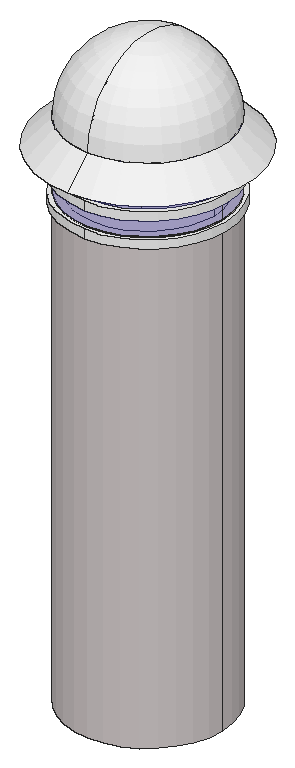
Revit family
Parameters (values of type "228mm Diameter")
  Wattage = 100 W
  built-in parameter 1150110 = 1 (stored number, unit not read)
  built-in parameter 1114217 = 1 (stored number, unit not read)
  built-in parameter 1150109 = 1 (stored number, unit not read)
  built-in parameter 1150134 = 4
  built-in parameter 1150113 = 1 (stored number, unit not read)
  built-in parameter 1150105 = 95.493 (stored number, unit not read)
  built-in parameter 1150115 = 1 (stored number, unit not read)
  Light Source Symbol Size = 609.60 mm
  built-in parameter 1150137 = (empty or 0)
  built-in parameter 1150139 = (empty or 0)
  built-in parameter 1150112 = 1 (stored number, unit not read)
  built-in parameter 1150114 = 1 (stored number, unit not read)
  built-in parameter 1150132 = (empty or 0)
  built-in parameter 1150102 = (empty or 0)
  built-in parameter 1150107 = 2800 (stored number, unit not read)
  built-in parameter 1150138 = (empty or 0)
  built-in parameter 1150106 = 0.95493 (stored number, unit not read)
  built-in parameter 1150104 = 1.1148 (stored number, unit not read)
  Dimming Lamp Color Temperature Shift = (empty or 0)
  Color Filter = 16777215
  Cap Material = Metal - Steel, Polished
  Base Material = Concrete - Precast Concrete
  Lumens = 1200 lm
  built-in parameter 1114218 = 1 (stored number, unit not read)
  built-in parameter 1150133 = 10 (stored number, unit not read)
Reference planes
  plane 1 "Light Source Axis": y = -114.3
  plane 2: z = 0
  plane 3 "Light Source Axis": x = -114.3
  plane 4 "Light Source Elevation": z = 762
  plane 5: y = 0
  plane 6: x = 0
  plane 7: y = -228.6
  plane 8: x = -228.6
  plane 9: z = 914.4
  plane 10: z = 800.1
  plane 11: z = 698.5
Forms (mm)
  Extrusion 1, solid, material "Concrete - Precast Concrete" <- "Base Material"
    sketch origin (0, 0, 0) x (1, 0, 0) y (0, 1, 0)
      loop
        circle (-114.3, -114.3) r 114.3
    from 0 to 698.5
  Extrusion 2, solid, material "Glass"
    sketch origin (0, 0, 0) x (1, 0, 0) y (0, 1, 0)
      loop
        circle (-114.3, -114.3) r 114.3
      loop
        circle (-114.3, -114.3) r 101.6
    from 698.5 to 800.1
  Revolve 3, solid, material "Metal - Steel, Polished" <- "Cap Material"
    sketch origin (-114.3, 0, 0) x (0, 1, 0) y (0, 0, 1)
      loop
        line (-114.3, 914.4) -> (-114.3, 901.7) -> (0, 787.4) -> (0, 762) -> (38.1, 762) -> (0, 800.1)
        arc (0, 800.1) -> (-33.478, 880.922) -> (-114.3, 914.4) r 114.3
      loop
        line (0, 698.5) -> (0, 685.8) -> (6.35, 685.8) -> (6.35, 698.5) -> (0, 698.5)
      loop
        line (0, 736.6) -> (0, 723.9) -> (6.35, 723.9) -> (6.35, 736.6) -> (0, 736.6)
      axis (-114.3, 914.4) -> (-114.3, 685.8)
    angle from 0 to 360
Lines and regions (mm)
  symbolic lines, style "Exterior"
    curve 1: arc (0, -114.3, 0) -> (-114.3, 0, 0) -> (-228.6, -114.3, 0) r 114.3
    curve 2: arc (-228.6, -114.3, 0) -> (-114.3, -228.6, 0) -> (0, -114.3, 0) r 114.3
    curve 3: arc (38.1, -114.3, 0) -> (-114.3, 38.1, 0) -> (-266.7, -114.3, 0) r 152.4
    curve 4: arc (-266.7, -114.3, 0) -> (-114.3, -266.7, 0) -> (38.1, -114.3, 0) r 152.4
Dimensions and locks
  equal spacing: plane 8, plane 3 "Light Source Axis", plane 6
  plane 8 to plane 6 = 228.60 mm
  plane 7 to plane 5 = 228.60 mm
  equal spacing: plane 7, plane 1 "Light Source Axis", plane 5
  plane 4 "Light Source Elevation" to plane 2 = 762.00 mm
  plane 9 to plane 2 = 914.40 mm
  locked: plane 9 to plane 10 at 114.3
  locked: plane 10 to plane 11 at 101.6
  aligned and locked: Extrusion 1 to plane 11
  aligned and locked: Extrusion 2 to plane 10
  aligned and locked: Extrusion 2 to Extrusion 1
  aligned and locked: plane 3 "Light Source Axis" to imposter light
  aligned and locked: plane 1 "Light Source Axis" to imposter light
  aligned and locked: plane 4 "Light Source Elevation" to imposter light
